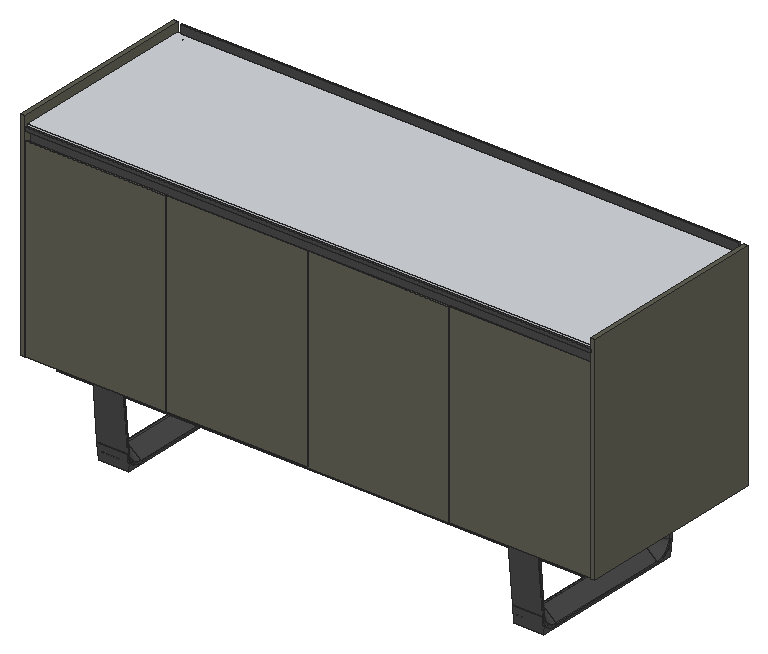
Revit family "Storage-Teknion-CW2Y_C+D_Two_Storage_Credenza_36_Height_Elevated_Base-R2020", category Furniture, Revit 2020
Family settings
  OmniClass Number = 23.40.20.00
  OmniClass Title = General Furniture and Specialties
  Work Plane-Based = No
  Always vertical = Yes
  Cut with Voids When Loaded = No
  Shared = Yes
  Room Calculation Point = No
Parameters (values of type "24D x 72W")
  Width = 72.000"
  Warranty = "http://www.teknion.com/ca/papers/legal-canada"
  Top Finish [instance] = none
  Storage Configuration Selection [instance] = "Please select only one storage configuration below."  # constant formula
  Right Waste [instance] = or([(VW) Left A/V with Upper Drawer , Right Waste], [(AW) Left A/V , Right Waste], [(DW) Left Drawers , Right Waste], [(CW) Left Closed Storage , Right Waste])  # no
  Right V&A Cut out [instance] = if(or([(WV) Left Waste , Right A/V with Upper Drawer], [(WA) Left Waste , Right A/V], [(CA) Left Closed Storage , Right A/V], [(CV) Left Closed Storage , Right A/V with Upper Drawer]), 15.000", 8.000")  # 8.000"
  Unit Weight URL = "http://www.teknion.com/ca/tools/assets#&asset=bee6a381-b954-425e-8283-5a2de3a804f2,f828d448-4b62-4231-9e5f-9a8991c0ed77"
  URL = "www.teknion.com"
  To render please download texture images found here [instance] = "https://assets.teknion.com/web/5e81352c1dfdb467/revit-material-swatches/"
  Sustainability Data = "https://www.teknion.com/ca/tools/assets#&topic=216f99a5-57a0-44fc-b10a-9dee9b29ae4c&asset=444deb64-fe58-4b68-981e-f75e97781df7,b4ff2d81-9f2e-437d-9659-7cffb09c31cf"
  Series = "C+D Conference Table"  # constant formula
  Right V&A 2D Lines [instance] = or([(WV) Left Waste , Right A/V with Upper Drawer], [(WA) Left Waste , Right A/V], [(CA) Left Closed Storage , Right A/V], [(CV) Left Closed Storage , Right A/V with Upper Drawer])  # no
  Right Drawers [instance] = or([(DD) All Drawers], [(WD) Left Waste , Right Drawers])  # no
  Right Double Door [instance] = or([(WV) Left Waste , Right A/V with Upper Drawer], [(WA) Left Waste , Right A/V], [(VC) Left A/V with Upper Drawer , Right Closed Storage], [(AC) Left A/V , Right Closed Storage], [(CC) All Close Storage], [(CA) Left Closed Storage , Right A/V], [(CV) Left Closed Storage , Right A/V with Upper Drawer], [(WC)  Left Waste , Right Closed Storage])  # yes
  2D Right Door Swing [instance] = not(or(Right Drawers, Right Waste))  # yes
  Middle 2D Node [instance] = or([(VW) Left A/V with Upper Drawer , Right Waste], [(DD) All Drawers], [(WD) Left Waste , Right Drawers], [(CV) Left Closed Storage , Right A/V with Upper Drawer])  # no
  Left Waste [instance] = or([(WV) Left Waste , Right A/V with Upper Drawer], [(WA) Left Waste , Right A/V], [(WC)  Left Waste , Right Closed Storage], [(WD) Left Waste , Right Drawers])  # no
  Left V&A Cut Out [instance] = if(or([(VW) Left A/V with Upper Drawer , Right Waste], [(AW) Left A/V , Right Waste], [(AC) Left A/V , Right Closed Storage], [(VC) Left A/V with Upper Drawer , Right Closed Storage]), 15.000", 8.000")  # 15.000"
  Left V&A 2D Lines [instance] = or([(VW) Left A/V with Upper Drawer , Right Waste], [(AW) Left A/V , Right Waste], [(AC) Left A/V , Right Closed Storage], [(VC) Left A/V with Upper Drawer , Right Closed Storage])  # yes
  Left Drawers [instance] = or([(DW) Left Drawers , Right Waste], [(DD) All Drawers])  # no
  Left Double Door [instance] = or([(VW) Left A/V with Upper Drawer , Right Waste], [(AW) Left A/V , Right Waste], [(CW) Left Closed Storage , Right Waste], [(CV) Left Closed Storage , Right A/V with Upper Drawer], [(CA) Left Closed Storage , Right A/V], [(AC) Left A/V , Right Closed Storage], [(VC) Left A/V with Upper Drawer , Right Closed Storage], [(CC) All Close Storage])  # yes
  2D Left Door Swing [instance] = not(or(Left Drawers, Left Waste))  # yes
  Door Size = 17.642"
  Description = "C+D Two Storage Credenza, 36\" Height, Elevated Based, 24\" Depth, 72\" Width"
  Case Finish [instance] = Veneer - Teknion - VP - Chia
  24 2D Node = yes
  20 2D Node = no
  (WV) Left Waste , Right A/V with Upper Drawer [instance] = no
  (VW) Left A/V with Upper Drawer , Right Waste [instance] = no
  (WD) Left Waste , Right Drawers [instance] = no
  (WA) Left Waste , Right A/V [instance] = no
  (DW) Left Drawers , Right Waste [instance] = no
  (CW) Left Closed Storage , Right Waste [instance] = no
  (CV) Left Closed Storage , Right A/V with Upper Drawer [instance] = no
  Product Page URL = "https://www.teknion.com/ca/products/product-details?productLineId=f681026f-8e7a-673b-a6c8-ff05004460c4"
  Product Line = "C+D Credenzas"  # constant formula
  Product Documentation Link = "https://www.teknion.com/pricing/cd-conference-table/pdfs/Credenzas_ppg.pdf"
  Part Number = "CW2Y"  # constant formula
  Model = "CW2Y_2472"
  Manufacturer Phone = "416-661-3370"  # constant formula
  Manufacturer Fax = "416.661.4586"  # constant formula
  Manufacturer Contact Information = "http://www.teknion.com/ca/contactus"
  Manufacturer Address = "1150 Flint Road, Toronto, ON. M3J 2J5. Canada"  # constant formula
  Manufacturer = "Teknion"  # constant formula
  (CA) Left Closed Storage , Right A/V [instance] = no
  (DD) All Drawers [instance] = no
  (CC) All Close Storage [instance] = not(or([(DD) All Drawers], [(AC) Left A/V , Right Closed Storage], [(VC) Left A/V with Upper Drawer , Right Closed Storage], [(CA) Left Closed Storage , Right A/V], [(CV) Left Closed Storage , Right A/V with Upper Drawer], [(WC)  Left Waste , Right Closed Storage], [(WD) Left Waste , Right Drawers], [(WA) Left Waste , Right A/V], [(WV) Left Waste , Right A/V with Upper Drawer], [(CW) Left Closed Storage , Right Waste], [(DW) Left Drawers , Right Waste], [(AW) Left A/V , Right Waste], [(VW) Left A/V with Upper Drawer , Right Waste]))  # no
  (VC) Left A/V with Upper Drawer , Right Closed Storage [instance] = yes
  How To Use Teknion Materials User Guide [instance] = "https://assets.teknion.com/m/205dd0a49fa58060/original/How-to-add-a-Material-Library-and-Texture-Images-to-your-Revit-project.pdf"
  For Additional Finishes please visit [instance] = "https://assets.teknion.com/m/44a8009b046e5d47/original/Teknion_Materials_Library.zip"
  Depth = 24.000"
  Default Elevation = 0.000"
  Assembly Code = "E2020200"
  (WC)  Left Waste , Right Closed Storage [instance] = no
  (AW) Left A/V , Right Waste [instance] = no
  (AC) Left A/V , Right Closed Storage [instance] = no
Reference planes (in)
  plane 1 "Center Front/Back": y = -10
  plane 2: z = 0
  plane 3 "Center Left/Right": x = 30
  plane 4 "Left": x = -6
  plane 5 "Right": x = 66
  plane 6 "Back": y = 2
  plane 7 "Front": y = -22
  plane 8 "Top": z = 37.00394
  plane 9: y = -1.16628
  plane 10: y = -18.83372
  plane 11: x = 4
  plane 12: x = 56
  plane 13: x = 12.28445
  plane 14: x = -5.4311
  plane 15: x = 65.4311
  plane 16: x = 47.71555
  plane 17: y = -21.23622
Forms (in)
  Sweep 1, solid, material "Veneer - Teknion - VP - Chia" <- "Case Finish"
    path origin (0, -10, 0) x (1, 0, 0) y (0, 0, 1)
      loop
        line (-5.46063, 37.00394) -> (-5.46063, 10)
    profile origin (-5.46063, -10, 23.50197) x (0, -1, 0) y (1, 0, 0)
      loop
        line (-12, -0.53937) -> (12, -0.53937) -> (12, 0) -> (-12, 0) -> (-12, -0.53937)
      loop
        line (-12, 71.46063) -> (-12, 70.92126) -> (12, 70.92126) -> (12, 71.46063) -> (-12, 71.46063)
  Sweep 2, solid, material "Veneer - Teknion - VP - Chia" <- "Case Finish"
    path origin (30, 0, 0) x (0, 1, 0) y (0, 0, 1)
      loop
        line (1.21654, 33.95276) -> (1.21654, 10)
    profile origin (30, 1.21654, 21.97638) x (1, 0, 0) y (0, 1, 0)
      loop
        line (-35.46063, 0.72441) -> (-35.46063, 0) -> (35.46063, 0) -> (35.46063, 0.72441) -> (-35.46063, 0.72441)
  Sweep 3, solid, material "Veneer - Teknion - VP - Chia" <- "Case Finish"
    path origin (0, -10, 0) x (1, 0, 0) y (0, 0, 1)
      loop
        line (-5.46063, 11.03937) -> (65.46063, 11.03937)
    profile origin (30, -10, 11.03937) x (0, 0, 1) y (0, -1, 0)
      loop
        line (0, 11.03819) -> (-1.03937, 11.03819) -> (-1.03937, -11.21654) -> (0, -11.21654) -> (0, 11.03819)
  Sweep 4, solid, material "Veneer - Teknion - VP - Chia" <- "Case Finish"
    path origin (0, -10, 0) x (1, 0, 0) y (0, 0, 1)
      loop
        line (29.6378, 11.03937) -> (29.6378, 34.54331)
    profile origin (29.6378, -10, 22.79134) x (-1, 0, 0) y (0, -1, 0)
      loop
        line (35.09843, -11.21654) -> (35.09843, 11.03819) -> (34.37402, 11.03819) -> (34.37402, -11.21654) -> (35.09843, -11.21654)
      loop
        line (0, -11.21654) -> (0, 11.03819) -> (-0.72441, 11.03819) -> (-0.72441, -11.21654) -> (0, -11.21654)
      loop
        line (-35.09843, 11.03819) -> (-35.82283, 11.03819) -> (-35.82283, -11.21654) -> (-35.09843, -11.21654) -> (-35.09843, 11.03819)
  Sweep 5, solid, material "Veneer - Teknion - VP - Chia" <- "Case Finish"
    path origin (0, -10, 0) x (1, 0, 0) y (0, 0, 1)
      loop
        line (65.46063, 35.29134) -> (-5.46063, 35.29134)
    profile origin (30, -10, 35.29134) x (0, 0, -1) y (0, -1, 0)
      loop
        line (0, -11.76378) -> (0.74803, -11.76378) -> (0.74803, 11.03819) -> (0, 11.03819) -> (0, -11.76378)
  Sweep 6, solid, material "Veneer - Teknion - VP - Chia" <- "Case Finish", visible <- "Left Double Door"
    path origin (0, -10, 0) x (1, 0, 0) y (0, 0, 1)
      loop
        line (12.24016, 34.25197) -> (-5.40157, 34.25197)
    profile origin (3.41929, -10, 34.25197) x (0, 0, -1) y (0, -1, 0)
      loop
        line (0, 11.96063) -> (0, 11.84252) -> (0.6063, 11.23622) -> (24.25197, 11.23622) -> (24.25197, 11.96063) -> (0, 11.96063)
  Sweep 7, solid, material "Veneer - Teknion - VP - Chia" <- "Case Finish", visible <- "Left Double Door"
    path origin (14.72047, -10, 0) x (1, 0, 0) y (0, 0, 1)
      loop
        line (15.24016, 34.25197) -> (-2.40157, 34.25197)
    profile origin (21.13976, -10, 34.25197) x (0, 0, -1) y (0, -1, 0)
      loop
        line (0, 11.96063) -> (0, 11.84252) -> (0.6063, 11.23622) -> (24.25197, 11.23622) -> (24.25197, 11.96063) -> (0, 11.96063)
  Sweep 8, solid, material "Veneer - Teknion - VP - Chia" <- "Case Finish", visible <- "Right Double Door"
    path origin (29.44094, -10, 0) x (1, 0, 0) y (0, 0, 1)
      loop
        line (18.24016, 34.25197) -> (0.59843, 34.25197)
    profile origin (38.86024, -10, 34.25197) x (0, 0, -1) y (0, -1, 0)
      loop
        line (0, 11.96063) -> (0, 11.84252) -> (0.6063, 11.23622) -> (24.25197, 11.23622) -> (24.25197, 11.96063) -> (0, 11.96063)
  Sweep 9, solid, material "Veneer - Teknion - VP - Chia" <- "Case Finish", visible <- "Right Double Door"
    path origin (44.16142, -10, 0) x (1, 0, 0) y (0, 0, 1)
      loop
        line (21.24016, 34.25197) -> (3.59843, 34.25197)
    profile origin (56.58071, -10, 34.25197) x (0, 0, -1) y (0, -1, 0)
      loop
        line (0, 11.96063) -> (0, 11.84252) -> (0.6063, 11.23622) -> (24.25197, 11.23622) -> (24.25197, 11.96063) -> (0, 11.96063)
  Sweep 10, solid, material "Veneer - Teknion - VP - Chia" <- "Case Finish", visible <- "Left Drawers"
    path origin (0, -10, 0) x (1, 0, 0) y (0, 0, 1)
      loop
        line (-5.40157, 19.12598) -> (29.96063, 19.12598)
    profile origin (12.27953, -10, 19.12598) x (0, 0, 1) y (0, -1, 0)
      loop
        line (15.12598, 11.84252) -> (15.12598, 11.96063) -> (3.5, 11.96063) -> (3.5, 11.23622) -> (14.51969, 11.23622) -> (15.12598, 11.84252)
  Sweep 11, solid, material "Veneer - Teknion - VP - Chia" <- "Case Finish", visible <- "Left Drawers"
    path origin (0, -10, 0) x (1, 0, 0) y (0, 0, 1)
      loop
        line (29.96063, 18.12598) -> (-5.40157, 18.12598)
    profile origin (12.27953, -10, 18.12598) x (0, 0, -1) y (0, -1, 0)
      loop
        line (-3.5, 11.96063) -> (-3.5, 11.84252) -> (-2.8937, 11.23622) -> (8.12598, 11.23622) -> (8.12598, 11.96063) -> (-3.5, 11.96063)
  Sweep 12, solid, material "Veneer - Teknion - VP - Chia" <- "Case Finish", visible <- "Right Drawers"
    path origin (29.44094, -10, 0) x (1, 0, 0) y (0, 0, 1)
      loop
        line (0.59843, 19.12598) -> (35.96063, 19.12598)
    profile origin (47.72047, -10, 19.12598) x (0, 0, 1) y (0, -1, 0)
      loop
        line (15.12598, 11.84252) -> (15.12598, 11.96063) -> (3.5, 11.96063) -> (3.5, 11.23622) -> (14.51969, 11.23622) -> (15.12598, 11.84252)
  Sweep 13, solid, material "Veneer - Teknion - VP - Chia" <- "Case Finish", visible <- "Right Drawers"
    path origin (29.44094, -10, 0) x (1, 0, 0) y (0, 0, 1)
      loop
        line (35.96063, 18.12598) -> (0.59843, 18.12598)
    profile origin (47.72047, -10, 18.12598) x (0, 0, -1) y (0, -1, 0)
      loop
        line (-3.5, 11.96063) -> (-3.5, 11.84252) -> (-2.8937, 11.23622) -> (8.12598, 11.23622) -> (8.12598, 11.96063) -> (-3.5, 11.96063)
  Sweep 14, solid, material "Paint - Teknion - 52 - Ebony"
    path origin (0, 0, 0) x (1, 0, 0) y (0, 1, 0)
      loop
        line (65.46063, -20.29016) -> (-5.46063, -20.29016)
    profile origin (30, -20.29016, 0) x (0, -1, 0) y (0, 0, 1)
      loop
        line (1.67055, 35.78346) -> (1.27685, 35.78346) -> (1.27685, 35.33071) -> (0.74803, 35.33071) -> (0.74803, 34.54331) -> (0, 34.54331) -> (0, 33.32283) -> (0.82803, 33.32283) -> (0.82803, 35.25071) -> (1.67055, 35.25071) -> (1.67055, 35.78346)
  Sweep 15, solid, material "Paint - Teknion - 52 - Ebony"
    path origin (0, 0, 0) x (1, 0, 0) y (0, 1, 0)
      loop
        line (-4.96063, 0.76378) -> (64.96063, 0.76378)
    profile origin (30, 0.76378, 0) x (0, 1, 0) y (0, 0, 1)
      loop
        line (1.23622, 37.00394) -> (1, 37.00394) -> (1, 35.58324)
        arc (1, 35.58324) -> (1, 35.52756) -> (0.94432, 35.52756) r 0.03937
        line (0.94432, 35.52756) -> (0, 35.52756) -> (0, 35.29134) -> (0.94432, 35.29134)
        arc (0.94432, 35.29134) -> (1, 35.29134) -> (1, 35.23566) r 0.03937
        line (1, 35.23566) -> (1, 34.54331) -> (1.23622, 34.54331) -> (1.23622, 37.00394)
  Sweep 16, solid, material "Paint - Teknion - 52 - Ebony"
    path origin (0, 0, 0) x (1, 0, 0) y (0, 1, 0)
      loop
        line (-1.98425, -1.01575) -> (-1.98425, -18.98425) -> (61.98425, -18.98425) -> (61.98425, -1.01575) -> (-1.98425, -1.01575)
    profile origin (-1.98425, -10, 0) x (1, 0, 0) y (0, 0, 1)
      loop
        line (-0.431, 8.52) -> (-0.431, 9.9) -> (-0.09, 9.9) -> (-0.09, 9.6675) -> (0, 9.6675) -> (0, 9.98)
        arc (0, 9.98) -> (-0.00586, 9.99414) -> (-0.02, 10) r 0.02
        line (-0.02, 10) -> (-0.99575, 10)
        arc (-0.99575, 10) -> (-1.00989, 9.99414) -> (-1.01575, 9.98) r 0.02
        line (-1.01575, 9.98) -> (-1.01575, 8.44)
        arc (-1.01575, 8.44) -> (-1.00989, 8.42586) -> (-0.99575, 8.42) r 0.02
        line (-0.99575, 8.42) -> (-0.02, 8.42)
        arc (-0.02, 8.42) -> (-0.00586, 8.42586) -> (0, 8.44) r 0.02
        line (0, 8.44) -> (0, 8.7525) -> (-0.09, 8.7525) -> (-0.09, 8.52) -> (-0.431, 8.52)
  Sweep 17, solid, material "Paint - Teknion - 52 - Ebony"
    path origin (0, -10, 0) x (1, 0, 0) y (0, 0, 1)
      loop
        line (2.11383, 0.125) -> (5.88617, 0.125)
    profile origin (4, -10, 0.125) x (0, 0, 1) y (0, -1, 0)
      loop
        arc (0.10359, 7.89493) -> (0.65668, 9.37616) -> (2.06899, 10.08704) r 2.16637
        line (2.06899, 10.08704) -> (0, 9.89454) -> (0, -9.89454) -> (2.06899, -10.08704)
        arc (2.06899, -10.08704) -> (0.65668, -9.37616) -> (0.10359, -7.89493) r 2.16637
        line (0.10359, -7.89493) -> (0.12003, -6.73851) -> (0.12003, 6.73851) -> (0.10359, 7.89493)
  Sweep 18, solid, material "Paint - Teknion - 52 - Ebony"
    path origin (0, -10, 0) x (1, 0, 0) y (0, 0, 1)
      loop
        line (54.11383, 0.125) -> (57.88617, 0.125)
    profile origin (56, -10, 0.125) x (0, 0, 1) y (0, -1, 0)
      loop
        arc (0.10359, 7.89493) -> (0.65668, 9.37616) -> (2.06899, 10.08704) r 2.16637
        line (2.06899, 10.08704) -> (0, 9.89454) -> (0, -9.89454) -> (2.06899, -10.08704)
        arc (2.06899, -10.08704) -> (0.65668, -9.37616) -> (0.10359, -7.89493) r 2.16637
        line (0.10359, -7.89493) -> (0.12003, -6.73851) -> (0.12003, 6.73851) -> (0.10359, 7.89493)
  Sweep 19, solid, material "Veneer - Teknion - VP - Chia" <- "Case Finish", visible <- "Left Waste"
    path origin (0, -10, 0) x (1, 0, 0) y (0, 0, 1)
      loop
        line (29.96063, 34.25197) -> (-5.40157, 34.25197)
    profile origin (12.27953, -10, 34.25197) x (0, 0, -1) y (0, -1, 0)
      loop
        line (0, 11.84252) -> (0.6063, 11.23622) -> (24.25197, 11.23622) -> (24.25197, 11.96063) -> (0, 11.96063) -> (0, 11.84252)
  Sweep 20, solid, material "Veneer - Teknion - VP - Chia" <- "Case Finish", visible <- "Right Waste"
    path origin (29.44094, -10, 0) x (1, 0, 0) y (0, 0, 1)
      loop
        line (35.96063, 34.25197) -> (0.59843, 34.25197)
    profile origin (47.72047, -10, 34.25197) x (0, 0, -1) y (0, -1, 0)
      loop
        line (0, 11.84252) -> (0.6063, 11.23622) -> (24.25197, 11.23622) -> (24.25197, 11.96063) -> (0, 11.96063) -> (0, 11.84252)
  Sweep 21, solid, material <- "Top Finish"
    path origin (0, -10, 0) x (1, 0, 0) y (0, 0, 1)
      loop
        line (-5.46063, 36) -> (65.46063, 36)
    profile origin (30, -10, 36) x (0, 0, 1) y (0, -1, 0)
      loop
        arc (0, 11.66535) -> (-0.0173, 11.70711) -> (-0.05906, 11.72441) r 0.05906
        line (-0.05906, 11.72441) -> (-0.21654, 11.72441) -> (-0.21654, 11.48819) -> (-0.47244, 11.48819) -> (-0.47244, -11.76378) -> (0, -11.76378) -> (0, 11.66535)
  Revolve 22, solid, material "Paint - Teknion - 52 - Ebony"
    sketch origin (4, -2.36839, 48) x (0, 1, 0) y (0, 0, 1)
      loop
        line (-16.46533, -47.875) -> (-16.46533, -48) -> (-15.75981, -48) -> (-15.66743, -47.92) -> (-15.66743, -47.875) -> (-16.46533, -47.875)
      axis (-16.46533, -47.875) -> (-16.46533, -48)
    angle from 0 to 360
  Revolve 23, solid, material "Paint - Teknion - 52 - Ebony"
    sketch origin (4, -2.36839, 48) x (0, 1, 0) y (0, 0, 1)
      loop
        line (1.2021, -47.875) -> (1.2021, -48) -> (1.90762, -48) -> (2, -47.92) -> (2, -47.875) -> (1.2021, -47.875)
      axis (1.2021, -47.875) -> (1.2021, -48)
    angle from 0 to 360
  Revolve 24, solid, material "Paint - Teknion - 52 - Ebony"
    sketch origin (56, -2.36839, 48) x (0, 1, 0) y (0, 0, 1)
      loop
        line (1.2021, -47.875) -> (1.2021, -48) -> (1.90762, -48) -> (2, -47.92) -> (2, -47.875) -> (1.2021, -47.875)
      axis (1.2021, -47.875) -> (1.2021, -48)
    angle from 0 to 360
  Revolve 25, solid, material "Paint - Teknion - 52 - Ebony"
    sketch origin (56, -2.36839, 48) x (0, 1, 0) y (0, 0, 1)
      loop
        line (-16.46533, -47.875) -> (-16.46533, -48) -> (-15.75981, -48) -> (-15.66743, -47.92) -> (-15.66743, -47.875) -> (-16.46533, -47.875)
      axis (-16.46533, -47.875) -> (-16.46533, -48)
    angle from 0 to 360
  Sweep 26, solid, material "Paint - Teknion - 52 - Ebony"
    path origin (4, -2.36839, 48) x (0, 1, 0) y (0, 0, 1)
      loop
        line (-18.43946, -38.05874) -> (-17.71865, -45.80601)
        arc (-17.71865, -45.80601) -> (-17.00777, -47.21832) -> (-15.52654, -47.77141) r 2.16637
        line (-15.52654, -47.77141) -> (0.26331, -47.77141)
        arc (0.26331, -47.77141) -> (1.74454, -47.21832) -> (2.45543, -45.80601) r 2.16637
        line (2.45543, -45.80601) -> (3.17624, -38.05874)
    profile origin (4, -10, 0.22859) x (0, 0, 1) y (1, 0, 0)
      loop
        line (0.26293, -1.85759) -> (1.69143, -0.12524)
        arc (1.69143, -0.12524) -> (1.7364, 0) -> (1.69143, 0.12524) r 0.19685
        line (1.69143, 0.12524) -> (0.26293, 1.85759)
        arc (0.26293, 1.85759) -> (0.24317, 1.87323) -> (0.21873, 1.87938) r 0.06
        line (0.21873, 1.87938) -> (0, 1.88702) -> (0, -1.88702) -> (0.21873, -1.87938)
        arc (0.21873, -1.87938) -> (0.24317, -1.87323) -> (0.26293, -1.85759) r 0.06
  Sweep 27, solid, material "Paint - Teknion - 52 - Ebony"
    path origin (56, -2.36839, 48) x (0, 1, 0) y (0, 0, 1)
      loop
        line (-18.43946, -38.05874) -> (-17.71865, -45.80601)
        arc (-17.71865, -45.80601) -> (-17.00777, -47.21831) -> (-15.52654, -47.77141) r 2.16637
        line (-15.52654, -47.77141) -> (0.26331, -47.77141)
        arc (0.26331, -47.77141) -> (1.74454, -47.21831) -> (2.45542, -45.80601) r 2.16637
        line (2.45542, -45.80601) -> (3.17623, -38.05874)
    profile origin (56, -10, 0.22859) x (0, 0, 1) y (1, 0, 0)
      loop
        line (0.26293, -1.85759) -> (1.69142, -0.12524)
        arc (1.69142, -0.12524) -> (1.7364, 0) -> (1.69142, 0.12524) r 0.19685
        line (1.69142, 0.12524) -> (0.26293, 1.85759)
        arc (0.26293, 1.85759) -> (0.24317, 1.87323) -> (0.21873, 1.87938) r 0.06
        line (0.21873, 1.87938) -> (0, 1.88702) -> (0, -1.88702) -> (0.21873, -1.87938)
        arc (0.21873, -1.87938) -> (0.24317, -1.87323) -> (0.26293, -1.85759) r 0.06
  Sweep 28, solid, material "Paint - Teknion - 52 - Ebony", visible <- "Left Drawers"
    path origin (0, -10, 0) x (1, 0, 0) y (0, 0, 1)
      loop
        line (12.28445, 22.70472) -> (12.28445, 20.73622)
    profile origin (12.28445, -10, 21.72047) x (0, -1, 0) y (1, 0, 0)
      loop
        line (11.03819, -17.02067) -> (11.03819, -17.74508) -> (11.11319, -17.74508) -> (11.11319, 17.71555) -> (11.03819, 17.71555) -> (11.03819, 17.35335) -> (10.29016, 17.35335) -> (10.29016, -17.02067) -> (11.03819, -17.02067)
  Sweep 29, solid, material "Paint - Teknion - 52 - Ebony", visible <- "Right Drawers"
    path origin (29.46063, -10, 0) x (1, 0, 0) y (0, 0, 1)
      loop
        line (18.25492, 22.70472) -> (18.25492, 20.73622)
    profile origin (47.71555, -10, 21.72047) x (0, -1, 0) y (1, 0, 0)
      loop
        line (11.03819, -17.35335) -> (11.03819, -17.71555) -> (11.11319, -17.71555) -> (11.11319, 17.74508) -> (11.03819, 17.74508) -> (11.03819, 17.02067) -> (10.29016, 17.02067) -> (10.29016, -17.35335) -> (11.03819, -17.35335)
  Sweep 30, void
    path origin (56, -2.36839, 48) x (0, 1, 0) y (0, 0, 1)
      loop
        line (0.36839, -29.52362) -> (-7.63161, -29.52362)
    profile origin (56, -6, 18.47638) x (0, 0, -1) y (1, 0, 0)
      loop
        arc (-8.5, -13.20079) -> (-8.42678, -13.37756) -> (-8.25, -13.45079) r 0.25
        line (-8.25, -13.45079) -> (1.25, -13.45079)
        arc (1.25, -13.45079) -> (1.42678, -13.37756) -> (1.5, -13.20079) r 0.25
        line (1.5, -13.20079) -> (1.5, -3.70079)
        arc (1.5, -3.70079) -> (1.42678, -3.52401) -> (1.25, -3.45079) r 0.25
        line (1.25, -3.45079) -> (-8.25, -3.45079)
        arc (-8.25, -3.45079) -> (-8.42678, -3.52401) -> (-8.5, -3.70079) r 0.25
        line (-8.5, -3.70079) -> (-8.5, -13.20079)
  Sweep 31, void
    path origin (56, -2.36839, 48) x (0, 1, 0) y (0, 0, 1)
      loop
        line (-7.63161, -22.52362) -> (7.36839, -22.52362)
    profile origin (56, -2.5, 25.47638) x (0, 0, 1) y (1, 0, 0)
      loop
        line (1.5, -48.29921) -> (1.5, -38.79921)
        arc (1.5, -38.79921) -> (1.42678, -38.62244) -> (1.25, -38.54921) r 0.25
        line (1.25, -38.54921) -> (-8.25, -38.54921)
        arc (-8.25, -38.54921) -> (-8.42678, -38.62244) -> (-8.5, -38.79921) r 0.25
        line (-8.5, -38.79921) -> (-8.5, -48.29921)
        arc (-8.5, -48.29921) -> (-8.42678, -48.47599) -> (-8.25, -48.54921) r 0.25
        line (-8.25, -48.54921) -> (1.25, -48.54921)
        arc (1.25, -48.54921) -> (1.42678, -48.47599) -> (1.5, -48.29921) r 0.25
Cuts and joins
  Sweep 30, Sweep 31 cuts Sweep 2
Lines and regions (in)
  Masking region 1
    outline origin (0, 0, 0) x (1, 0, 0) y (0, 1, 0)
      loop
        line (-6, 2) -> (-6, -22) -> (-5.46063, -22) -> (-5.46063, -21.96071) -> (65.46063, -21.96071) -> (65.46063, -22) -> (66, -22) -> (66, 2) -> (65.46063, 2) -> (65.46063, 1.94094) -> (64.96063, 1.94094) -> (64.96063, 2) -> (-4.96063, 2) -> (-4.96063, 1.94094) -> (-5.46063, 1.94094) -> (-5.46063, 2) -> (-6, 2)
  symbolic lines
    curve 1: line (-5.46063, -22, 0) -> (-5.46063, 2, 0)
    curve 2: line (-5.46063, -21.72441, 0) -> (65.46063, -21.72441, 0)
    curve 3: line (65.46063, 2, 0) -> (65.46063, -22, 0)
    curve 4: line (65.46063, 1.76378, 0) -> (-5.46063, 1.76378, 0)
    curve 5: line (64.96063, 2, 0) -> (64.96063, 1.76378, 0)
    curve 6: line (-4.96063, 2, 0) -> (-4.96063, 1.76378, 0)
  symbolic lines, style "FurnitureHiddenLines", detail levels medium+fine
    curve 7: line (65.46063, 1.94094, 0) -> (-5.46063, 1.94094, 0)
    curve 8: line (-4.96063, 0.76378, 0) -> (64.96063, 0.76378, 0)
    curve 9: line (65.46063, 1.21654, 0) -> (-5.46063, 1.21654, 0)
    curve 10: line (-4.73622, -21.03819, 0) -> (-4.73622, 1.21654, 0)
    curve 11: line (-4.96063, 0.76378, 0) -> (-4.96063, 2, 0)
    curve 12: line (64.96063, 1.7081, 0) -> (-4.96063, 1.7081, 0)
    curve 13: line (64.73622, 1.21654, 0) -> (64.73622, -21.03819, 0)
    curve 14: line (65.46063, -21.03819, 0) -> (-5.46063, -21.03819, 0)
    curve 15: line (29.6378, 1.21654, 0) -> (29.6378, -21.03819, 0)
    curve 16: line (30.3622, -21.03819, 0) -> (30.3622, 1.21654, 0)
    curve 17: line (65.46063, -20.29016, 0) -> (-5.46063, -20.29016, 0)
    curve 18: line (-5.46063, -21.11819, 0) -> (65.46063, -21.11819, 0)
    curve 19: line (65.46063, -21.56701, 0) -> (-5.46063, -21.56701, 0)
    curve 20: line (-5.46063, -21.48819, 0) -> (65.46063, -21.48819, 0)
    curve 84: line (29.96063, -21.23622, 0) -> (29.96063, -21.96063, 0)
    curve 86: line (29.96063, -21.23622, 0) -> (-5.40157, -21.23622, 0)
    curve 87: line (-5.40157, -21.23622, 0) -> (-5.40157, -21.96063, 0)
    curve 101: line (7.45079, 1.94094, 0) -> (17.45079, 1.94094, 0)
    curve 102: line (7.45079, 1.21654, 0) -> (7.45079, 1.94094, 0)
    curve 103: line (17.45079, 1.21654, 0) -> (7.45079, 1.21654, 0)
    curve 104: line (17.45079, 1.94094, 0) -> (17.45079, 1.21654, 0)
    curve 105: line (42.54921, 1.94094, 0) -> (52.54921, 1.94094, 0)
    curve 106: line (42.54921, 1.21654, 0) -> (42.54921, 1.94094, 0)
    curve 107: line (52.54921, 1.21654, 0) -> (42.54921, 1.21654, 0)
    curve 108: line (52.54921, 1.94094, 0) -> (52.54921, 1.21654, 0)
  symbolic lines, style "FurnitureHiddenLines", detail levels fine
    curve 21: line (-2.41525, -19.41525, 0) -> (-2.41525, -0.58475, 0)
    curve 22: line (-2.41525, -0.58475, 0) -> (62.41525, -0.58475, 0)
    curve 23: line (62.41525, -19.41525, 0) -> (-2.41525, -19.41525, 0)
    curve 24: line (62.41525, -0.58475, 0) -> (62.41525, -19.41525, 0)
    curve 25: line (62.07425, -19.07425, 0) -> (62.07425, -0.92575, 0)
    curve 26: line (61.98425, -1.01575, 0) -> (61.98425, -18.98425, 0)
    curve 27: line (-2.07425, -19.07425, 0) -> (62.07425, -19.07425, 0)
    curve 28: line (61.98425, -18.98425, 0) -> (-1.98425, -18.98425, 0)
    curve 29: line (-2.07425, -0.92575, 0) -> (-2.07425, -19.07425, 0)
    curve 30: line (-1.98425, -18.98425, 0) -> (-1.98425, -1.01575, 0)
    curve 31: line (62.07425, -0.92575, 0) -> (-2.07425, -0.92575, 0)
    curve 32: line (-1.98425, -1.01575, 0) -> (61.98425, -1.01575, 0)
    curve 33: line (-3.00055, 0, 0) -> (-3.00027, -20, 0)
    curve 34: line (-3.00027, -20, 0) -> (63.00027, -20, 0)
    curve 35: line (63.00027, -20, 0) -> (63.00027, 0, 0)
    curve 36: line (63.00027, 0, 0) -> (-3.00055, 0, 0)
    curve 37: line (5.88702, 0.80785, 0) -> (2.11298, 0.80785, 0)
    curve 38: line (5.88702, 0.80785, 0) -> (5.88702, -8.12532, 0)
    curve 39: line (2.11298, 0.80785, 0) -> (2.11298, -8.06376, 0)
    curve 40: line (2.11298, -20.80785, 0) -> (5.88702, -20.80785, 0)
    curve 41: line (2.11298, -8.06376, 0) -> (2.11298, -20.80785, 0)
    curve 42: line (5.88702, -8.12532, 0) -> (5.88702, -20.80785, 0)
    curve 43: arc (4, -1.96418, 0) -> (4.7979, -1.16628, 0) -> (4, -0.36839, 0) r 0.7979
    curve 44: arc (4, -0.46076, 0) -> (4.70552, -1.16628, 0) -> (4, -1.87181, 0) r 0.70552
    curve 45: arc (4, -1.87181, 0) -> (3.29448, -1.16628, 0) -> (4, -0.46076, 0) r 0.70552
    curve 46: arc (4, -0.36839, 0) -> (3.2021, -1.16628, 0) -> (4, -1.96418, 0) r 0.7979
    curve 47: arc (4, -19.63161, 0) -> (4.7979, -18.83372, 0) -> (4, -18.03582, 0) r 0.7979
    curve 48: arc (4, -18.12819, 0) -> (4.70552, -18.83372, 0) -> (4, -19.53924, 0) r 0.70552
    curve 49: arc (4, -19.53924, 0) -> (3.29448, -18.83372, 0) -> (4, -18.12819, 0) r 0.70552
    curve 50: arc (4, -18.03582, 0) -> (3.2021, -18.83372, 0) -> (4, -19.63161, 0) r 0.7979
    curve 51: arc (56, -1.96418, 0) -> (56.7979, -1.16628, 0) -> (56, -0.36839, 0) r 0.7979
    curve 52: arc (56, -0.46076, 0) -> (56.70552, -1.16628, 0) -> (56, -1.87181, 0) r 0.70552
    curve 53: arc (56, -1.87181, 0) -> (55.29448, -1.16628, 0) -> (56, -0.46076, 0) r 0.70552
    curve 54: arc (56, -0.36839, 0) -> (55.2021, -1.16628, 0) -> (56, -1.96418, 0) r 0.7979
    curve 55: arc (56, -19.63161, 0) -> (56.7979, -18.83372, 0) -> (56, -18.03582, 0) r 0.7979
    curve 56: arc (56, -18.12819, 0) -> (56.70552, -18.83372, 0) -> (56, -19.53924, 0) r 0.70552
    curve 57: arc (56, -18.03582, 0) -> (55.2021, -18.83372, 0) -> (56, -19.63161, 0) r 0.7979
    curve 58: arc (56, -19.53924, 0) -> (55.29448, -18.83372, 0) -> (56, -18.12819, 0) r 0.70552
    curve 59: line (54.11298, -20.80785, 0) -> (57.88702, -20.80785, 0)
    curve 60: line (54.11298, -11.98365, 0) -> (54.11298, -20.80785, 0)
    curve 61: line (57.88702, -8.22228, 0) -> (57.88702, -20.80785, 0)
    curve 62: line (57.88702, 0.80785, 0) -> (54.11298, 0.80785, 0)
    curve 63: line (54.11298, 0.80785, 0) -> (54.11298, -11.98365, 0)
    curve 64: line (57.88702, 0.80785, 0) -> (57.88702, -8.22228, 0)
    curve 65: line (2.11298, -2.10507, 0) -> (5.88702, -2.10507, 0)
    curve 66: line (5.88617, -3.26149, 0) -> (2.11383, -3.26149, 0)
    curve 67: line (5.88617, -16.73851, 0) -> (2.11383, -16.73851, 0)
    curve 68: line (2.11298, -17.89493, 0) -> (5.88702, -17.89493, 0)
    curve 69: line (54.11298, -2.10507, 0) -> (57.88702, -2.10507, 0)
    curve 70: line (57.88617, -3.26149, 0) -> (54.11383, -3.26149, 0)
    curve 71: line (57.88617, -16.73851, 0) -> (54.11383, -16.73851, 0)
    curve 72: line (54.11298, -17.89493, 0) -> (57.88702, -17.89493, 0)
  symbolic lines, style "FurnitureHiddenLines", visible <- "Left Double Door", detail levels medium+fine
    curve 73: line (-5.40157, -21.23622, 0) -> (-5.40157, -21.96063, 0)
    curve 74: line (12.24016, -21.23622, 0) -> (12.24016, -21.96063, 0)
    curve 75: line (12.24016, -21.23622, 0) -> (-5.40157, -21.23622, 0)
    curve 76: line (12.3189, -21.23622, 0) -> (12.3189, -21.96063, 0)
    curve 77: line (29.96063, -21.23622, 0) -> (12.3189, -21.23622, 0)
  symbolic lines, style "FurnitureHiddenLines", visible <- "Right Double Door", detail levels medium+fine
    curve 78: line (47.6811, -21.23622, 0) -> (47.6811, -21.96063, 0)
    curve 79: line (47.6811, -21.23622, 0) -> (30.03937, -21.23622, 0)
    curve 80: line (30.03937, -21.23622, 0) -> (30.03937, -21.96063, 0)
    curve 81: line (65.40157, -21.23622, 0) -> (47.75984, -21.23622, 0)
    curve 82: line (47.75984, -21.23622, 0) -> (47.75984, -21.96063, 0)
    curve 83: line (65.40157, -21.23622, 0) -> (65.40157, -21.96063, 0)
  symbolic lines, style "FurnitureHiddenLines", visible <- "Left Waste", detail levels medium+fine
    curve 85: line (29.96063, -21.23622, 0) -> (29.96063, -21.96063, 0)
  symbolic lines, style "FurnitureHiddenLines", visible <- "Right Drawers", detail levels medium+fine
    curve 88: line (30.03937, -21.23622, 0) -> (30.03937, -21.96063, 0)
    curve 89: line (65.40157, -21.23622, 0) -> (30.03937, -21.23622, 0)
    curve 90: line (65.40157, -21.23622, 0) -> (65.40157, -21.96063, 0)
  symbolic lines, style "FurnitureHiddenLines", visible <- "Left Drawers", detail levels medium+fine
    curve 91: line (-5.40157, -21.96063, 0) -> (-5.40157, -21.23622, 0)
    curve 92: line (29.96063, -21.23622, 0) -> (-5.40157, -21.23622, 0)
    curve 93: line (29.96063, -21.96063, 0) -> (29.96063, -21.23622, 0)
  symbolic lines, style "FurnitureHiddenLines", visible <- "Right Waste", detail levels medium+fine
    curve 94: line (65.40157, -21.96063, 0) -> (65.40157, -21.23622, 0)
    curve 95: line (65.40157, -21.23622, 0) -> (30.03937, -21.23622, 0)
    curve 96: line (30.03937, -21.96063, 0) -> (30.03937, -21.23622, 0)
  reference lines
    curve 97: line (-6, 2, 0) -> (66, 2, 0)
    curve 98: line (-6, 4, 0) -> (-6, -24, 0)
    curve 99: line (-6, -22, 0) -> (66, -22, 0)
    curve 100: line (66, 4, 0) -> (66, -24, 0)
Dimensions and locks (in)
  "Width": plane 4 "Left" to plane 5 "Right"
  "Depth": plane 6 "Back" to plane 7 "Front"
  plane 8 "Top" to level = 37.00394"
  locked: Sweep 1 sketch curve to Sweep 1 sketch curve at 0.53937  (x2)
  Sweep 2 sketch curve to plane 6 "Back" = 0.78346"
  plane 6 "Back" to Sweep 2 sketch curve to Sweep 2 sketch curve = 0.05906" locked, 0.72441" locked
  locked: Sweep 3 sketch curve to plane 2 at 11.03937
  plane 2 to Sweep 3 sketch curve to Sweep 3 sketch curve = 10.000" locked, 1.03937" locked
  locked: Sweep 4 sketch curve to Sweep 4 sketch curve at 0.72441  (x2)
  locked: plane 7 "Front" to Sweep 3 sketch curve at 0.96181
  equal spacing: plane 4 "Left", plane 3 "Center Left/Right", plane 5 "Right"
  Sweep 4 sketch curve to plane 3 "Center Left/Right" to Sweep 4 sketch curve = 0.3622" locked, 0.3622" locked
  locked: plane 6 "Back" to Sweep 5 sketch curve at 0.23622
  locked: Sweep 5 sketch curve to plane 7 "Front" at 0.96181
  locked: Sweep 5 sketch curve to Sweep 5 sketch curve at 0.74803
  plane 7 "Front" to Sweep 6 sketch curve to Sweep 6 sketch curve = 0.03937" locked, 0.72441" locked
  Sweep 6 sketch curve to Sweep 6 sketch curve to Sweep 6 sketch curve = 23.64567", 0.6063" locked
  locked: Sweep 6 sketch curve to plane 4 "Left" at 0.59843
  Sweep 7 sketch curve to Sweep 7 sketch curve to Sweep 7 sketch curve = 23.64567" locked, 0.6063" locked
  Sweep 8 sketch curve to Sweep 8 sketch curve to Sweep 8 sketch curve = 23.64567" locked, 0.6063" locked
  Sweep 9 sketch curve to Sweep 9 sketch curve to Sweep 9 sketch curve = 23.64567" locked, 0.6063" locked
  locked: Sweep 10 sketch curve to plane 4 "Left" at 0.59843
  locked: plane 3 "Center Left/Right" to Sweep 10 sketch curve at 0.03937
  locked: Sweep 10 sketch curve to plane 2 at 19.12598
  Sweep 10 sketch curve to Sweep 10 sketch curve to Sweep 9 to plane 8 "Top" = 11.01969" locked, 0.6063" locked, 2.75197" locked
  plane 7 "Front" to Sweep 10 sketch curve to Sweep 10 sketch curve = 0.03937" locked, 0.72441" locked
  locked: Sweep 11 sketch curve to plane 4 "Left" at 0.59843
  locked: plane 3 "Center Left/Right" to Sweep 11 sketch curve at 0.03937
  locked: Sweep 11 sketch curve to plane 2 at 18.12598
  plane 2 to Sweep 9 to Sweep 11 sketch curve to Sweep 11 sketch curve = 10.000" locked, 11.01969", 0.6063" locked
  plane 7 "Front" to Sweep 11 sketch curve to Sweep 11 sketch curve = 0.03937" locked, 0.72441" locked
  locked: Sweep 12 sketch curve to Sweep 12 sketch curve at 11.01969
  locked: Sweep 12 sketch curve to Sweep 12 sketch curve at 0.72441
  locked: Sweep 13 sketch curve to Sweep 13 sketch curve at 0.6063
  locked: Sweep 13 sketch curve to Sweep 13 sketch curve at 0.72441
  locked: Sweep 12 sketch curve to plane 5 "Right" at 0.59843
  locked: Sweep 12 sketch curve to plane 3 "Center Left/Right" at 0.03937
  locked: Sweep 12 sketch curve to plane 2 at 19.12598
  locked: Sweep 9 to Sweep 12 sketch curve at 0.6063
  locked: plane 7 "Front" to Sweep 12 sketch curve at 0.03937
  locked: Sweep 13 sketch curve to plane 3 "Center Left/Right" at 0.03937
  locked: Sweep 13 sketch curve to plane 5 "Right" at 0.59843
  locked: Sweep 13 sketch curve to plane 2 at 18.12598
  Sweep 13 sketch curve to Sweep 9 to plane 2 = 11.01969" locked, 10.000" locked
  locked: plane 7 "Front" to Sweep 13 sketch curve at 0.03937
  locked: plane 4 "Left" to Sweep 14 sketch curve at 0.53937
  locked: Sweep 14 sketch curve to plane 5 "Right" at 0.53937
  locked: plane 7 "Front" to Sweep 14 sketch curve at 1.70984
  plane 7 "Front" to Sweep 14 sketch curve to Sweep 14 sketch curve to Sweep 14 sketch curve to Sweep 14 sketch curve = 0.03929" locked, 0.3937" locked, 0.44882" locked, 0.080" locked
  locked: Sweep 14 sketch curve to Sweep 14 sketch curve at 0.74803
  Sweep 14 sketch curve to Sweep 14 sketch curve to Sweep 14 sketch curve to Sweep 14 sketch curve to Sweep 14 sketch curve = 0.45276" locked, 0.080" locked, 0.7074" locked, 1.22047" locked
  locked: plane 4 "Left" to Sweep 15 sketch curve at 1.03937
  locked: Sweep 15 sketch curve to plane 5 "Right" at 1.03937
  locked: plane 6 "Back" to Sweep 15 sketch curve at 1.23622
  Sweep 15 sketch curve to Sweep 15 sketch curve to Sweep 15 sketch curve to Sweep 15 sketch curve = 1.47638" locked, 0.23622" locked, 0.74803" locked
  Sweep 15 sketch curve to Sweep 15 sketch curve to Sweep 15 sketch curve to Sweep 15 sketch curve = 1.000" locked, 0.000" locked, 0.23622" locked
  locked: plane 4 "Left" to Sweep 16 sketch curve at 4.01575
  locked: Sweep 16 sketch curve to plane 5 "Right" at 4.01575
  locked: plane 6 "Back" to Sweep 16 sketch curve at 3.01575
  locked: plane 7 "Front" to Sweep 16 sketch curve at 3.01575
  Sweep 16 sketch curve to Sweep 16 sketch curve to Sweep 16 sketch curve to Sweep 16 sketch curve to Sweep 16 sketch curve to Sweep 16 sketch curve to plane 2 = 0.100" locked, 0.2325" locked, 0.915" locked, 0.2325" locked, 0.100" locked, 8.420" locked
  Sweep 16 sketch curve to Sweep 16 sketch curve to Sweep 16 sketch curve to Sweep 16 sketch curve to Sweep 16 sketch curve to Sweep 16 sketch curve to plane 4 "Left" = 0.000" locked, 0.090" locked, 0.000" locked, 0.341" locked, 0.58475" locked, 3.000" locked
  locked: Sweep 17 sketch curve to plane 2 at 0.125
  locked: Sweep 18 sketch curve to plane 2 at 0.125
  locked: plane 6 "Back" to plane 9 at 3.16628
  locked: plane 7 "Front" to plane 10 at 3.16628
  locked: Sweep 19 sketch curve to plane 4 "Left" at 0.59843
  locked: plane 3 "Center Left/Right" to Sweep 19 sketch curve at 0.03937
  locked: plane 8 "Top" to Sweep 19 sketch curve at 2.75197
  plane 7 "Front" to Sweep 19 sketch curve to Sweep 19 sketch curve to Sweep 19 sketch curve = 0.03937" locked, 0.11811" locked, 0.6063" locked
  plane 8 "Top" to Sweep 19 sketch curve to Sweep 19 sketch curve = 2.75197" locked, 24.25197" locked
  Sweep 20 sketch curve to Sweep 20 sketch curve to Sweep 20 sketch curve = 0.11811" locked, 0.6063" locked
  locked: Sweep 20 sketch curve to Sweep 20 sketch curve at 24.25197
  locked: Sweep 20 sketch curve to plane 5 "Right" at 0.59843
  locked: Sweep 20 sketch curve to plane 3 "Center Left/Right" at 0.03937
  locked: plane 8 "Top" to Sweep 20 sketch curve at 2.75197  (x2)
  locked: plane 7 "Front" to Sweep 20 sketch curve at 0.03937
  locked: Sweep 21 sketch curve to plane 4 "Left" at 0.53937
  locked: Sweep 21 sketch curve to plane 5 "Right" at 0.53937
  locked: plane 8 "Top" to Sweep 21 sketch curve at 1.00394
  plane 8 "Top" to Sweep 21 sketch curve to Sweep 21 sketch curve = 1.00394" locked, 0.47244" locked
  plane 7 "Front" to Sweep 21 sketch curve to Sweep 21 sketch curve = 0.27559" locked, 0.23622" locked
  locked: Sweep 21 sketch curve to plane 6 "Back" at 0.23622
  locked: plane 4 "Left" to plane 11 at 10
  locked: plane 12 to plane 5 "Right" at 10
  Sweep 17 sketch curve to plane 11 to Sweep 17 sketch curve = 1.88617" locked, 1.88617" locked
  Sweep 18 sketch curve to plane 12 to Sweep 18 sketch curve = 1.88617" locked, 1.88617" locked
  plane 10 to Revolve 22 sketch curve to Revolve 22 sketch curve = 0.70552" locked, 0.09238" locked
  plane 10 to Revolve 25 sketch curve to Revolve 25 sketch curve = 0.70552" locked, 0.09238" locked
  plane 9 to Revolve 24 sketch curve to Revolve 24 sketch curve = 0.70552" locked, 0.09238" locked
  plane 9 to Revolve 23 sketch curve to Revolve 23 sketch curve = 0.70552" locked, 0.09238" locked
  equal spacing: plane 6 "Back", plane 1 "Center Front/Back", plane 7 "Front"
  plane 7 "Front" to Sweep 7 sketch curve to Sweep 7 sketch curve = 0.03937" locked, 0.72441" locked
  plane 7 "Front" to Sweep 9 sketch curve to Sweep 9 sketch curve = 0.03937" locked, 0.72441" locked
  locked: plane 8 "Top" to Sweep 9 sketch curve at 2.75197  (x2)
  plane 7 "Front" to Sweep 8 sketch curve to Sweep 8 sketch curve = 0.03937" locked, 0.72441" locked
  locked: plane 8 "Top" to Sweep 8 sketch curve at 2.75197  (x2)
  locked: plane 3 "Center Left/Right" to Sweep 7 sketch curve at 0.03937
  locked: plane 8 "Top" to Sweep 7 sketch curve at 2.75197
  locked: plane 8 "Top" to Sweep 6 sketch curve at 2.75197  (x2)
  locked: Sweep 8 sketch curve to plane 3 "Center Left/Right" at 0.03937
  locked: Sweep 9 sketch curve to plane 5 "Right" at 0.59843
  equal spacing: plane 3 "Center Left/Right", plane 13, plane 14
  locked: plane 14 to plane 4 "Left" at 0.5689
  locked: Sweep 6 sketch curve to plane 13 at 0.04429
  locked: plane 13 to Sweep 7 sketch curve at 0.03445
  equal spacing: plane 15, plane 16, plane 3 "Center Left/Right"
  locked: plane 15 to plane 5 "Right" at 0.5689
  locked: plane 16 to Sweep 8 sketch curve at 0.03445
  locked: Sweep 9 sketch curve to plane 16 at 0.04429
  Sweep 26 sketch curve to Sweep 26 sketch curve to Sweep 26 sketch curve to Sweep 26 sketch curve to Sweep 26 sketch curve = 1.9654" locked, 0.000" locked, 7.74727" locked, 0.000" locked
  plane 7 "Front" to Sweep 26 sketch curve to Sweep 26 sketch curve to Sweep 26 sketch curve = 1.19215" locked, 0.72081" locked, 2.19211" locked
  plane 6 "Back" to Sweep 26 sketch curve to Sweep 26 sketch curve to Sweep 26 sketch curve = 1.19215" locked, 0.72081" locked, 2.19211" locked
  Sweep 17 sketch curve to Sweep 17 sketch curve to plane 2 = 2.06899" locked, 0.125" locked
  locked: Sweep 17 sketch curve to Sweep 17 sketch curve at 2.06899
  plane 7 "Front" to Sweep 17 sketch curve to Sweep 17 sketch curve to Sweep 17 sketch curve = 1.91296" locked, 0.1925" locked, 1.99961" locked
  plane 6 "Back" to Sweep 17 sketch curve to Sweep 17 sketch curve to Sweep 17 sketch curve = 1.91296" locked, 0.1925" locked, 1.99961" locked
  plane 2 to Sweep 18 sketch curve to Sweep 18 sketch curve = 0.125" locked, 2.06899" locked
  locked: Sweep 18 sketch curve to Sweep 18 sketch curve at 2.06899
  plane 7 "Front" to Sweep 18 sketch curve to Sweep 18 sketch curve to Sweep 18 sketch curve = 1.91296" locked, 0.1925" locked, 1.99961" locked
  Sweep 18 sketch curve to Sweep 18 sketch curve to Sweep 18 sketch curve to plane 6 "Back" = 1.99961" locked, 0.1925" locked, 1.91296" locked
  plane 2 to Sweep 27 sketch curve to Sweep 27 sketch curve to Sweep 27 sketch curve = 0.22859" locked, 1.9654" locked, 7.74727" locked
  Sweep 27 sketch curve to Sweep 27 sketch curve to Sweep 27 sketch curve = 1.9654" locked, 7.74727" locked
  plane 7 "Front" to Sweep 27 sketch curve to Sweep 27 sketch curve to Sweep 27 sketch curve = 1.19215" locked, 0.72081" locked, 2.19211" locked
  Sweep 27 sketch curve to Sweep 27 sketch curve to Sweep 27 sketch curve to plane 6 "Back" = 2.19211" locked, 0.72081" locked, 1.19215" locked
  Sweep 27 sketch curve to Sweep 27 sketch curve to Sweep 27 sketch curve to Sweep 27 sketch curve to Sweep 27 sketch curve to Sweep 27 sketch curve to Sweep 27 sketch curve to plane 2 = 0.000" locked, 1.42849" locked, 0.000" locked, 0.0442" locked, 0.000" locked, 0.21873" locked, 0.22859" locked
  Sweep 27 sketch curve to Sweep 27 sketch curve to Sweep 27 sketch curve to Sweep 27 sketch curve to profile plane to Sweep 27 sketch curve to Sweep 27 sketch curve to Sweep 27 sketch curve to Sweep 27 sketch curve = 0.00764" locked, 0.02179" locked, 1.73235" locked, 0.12524" locked, 0.12524" locked, 1.73235" locked, 0.02179" locked, 0.00764" locked
  Sweep 26 sketch curve to Sweep 26 sketch curve to Sweep 26 sketch curve to Sweep 26 sketch curve to profile plane to Sweep 26 sketch curve to Sweep 26 sketch curve to Sweep 26 sketch curve to Sweep 26 sketch curve = 0.00764" locked, 0.02179" locked, 1.73235" locked, 0.12524" locked, 0.12524" locked, 1.73235" locked, 0.02179" locked, 0.00764" locked
  Sweep 26 sketch curve to Sweep 26 sketch curve to Sweep 26 sketch curve to Sweep 26 sketch curve to Sweep 26 sketch curve to Sweep 26 sketch curve to Sweep 26 sketch curve = 0.000" locked, 1.42849" locked, 0.000" locked, 0.0442" locked, 0.000" locked, 0.21873" locked
  plane 8 "Top" to Sweep 28 sketch curve to Sweep 28 sketch curve = 14.29921" locked, 1.9685" locked
  locked: Sweep 28 sketch curve to plane 3 "Center Left/Right" at 0.3622
  locked: plane 14 to Sweep 28 sketch curve at 0.69488
  plane 7 "Front" to Sweep 28 sketch curve to Sweep 28 sketch curve to Sweep 28 sketch curve to Sweep 28 sketch curve = 0.88681" locked, 0.075" locked, 0.000" locked, 0.74803" locked
  locked: Sweep 29 sketch curve to Sweep 29 sketch curve at 1.9685
  Sweep 29 sketch curve to Sweep 29 sketch curve to Sweep 29 sketch curve to Sweep 29 sketch curve = 0.075" locked, 0.000" locked, 0.74803" locked
  locked: plane 7 "Front" to Sweep 29 sketch curve at 0.88681
  locked: plane 3 "Center Left/Right" to Sweep 29 sketch curve at 0.3622
  locked: Sweep 29 sketch curve to plane 15 at 0.69488
  "Right V&A Cut out": Sweep 30 sketch curve to Sweep 30 sketch curve
  locked: Sweep 30 sketch curve to plane 2 at 18.47638
  plane 8 "Top" to Sweep 30 sketch curve to Sweep 30 sketch curve = 10.02756" locked, 10.000" locked
  Sweep 30 sketch curve to plane 16 to Sweep 30 sketch curve = 5.16634" locked, 4.83366" locked
  "Left V&A Cut Out": Sweep 31 sketch curve to Sweep 31 sketch curve
  locked: plane 8 "Top" to Sweep 31 sketch curve at 11.52756
  Sweep 31 sketch curve to plane 13 to Sweep 31 sketch curve = 4.83366" locked, 5.16634" locked
  plane 8 "Top" to Sweep 31 sketch curve to Sweep 31 sketch curve = 10.02756" locked, 10.000" locked
  locked: Sweep 1 sketch curve to Sweep 1 sketch curve at 27.00394
  locked: plane 8 "Top" to Sweep 14 sketch curve at 1.22047
  locked: plane 8 "Top" to Sweep 29 sketch curve at 14.29921
  locked: plane 7 "Front" to plane 17 at 0.76378
  locked: plane 14 to nested 10 at 0.02953
  locked: nested 13 to plane 15 at 0.02953
  locked: nested 11 to plane 3 "Center Left/Right" at 0.03937
  locked: plane 3 "Center Left/Right" to nested 12 at 0.03937
  aligned and locked: level to plane 2
  aligned and locked: plane 4 "Left" to Sweep 1 sketch curve
  aligned and locked: Sweep 1 sketch curve to plane 5 "Right"
  aligned and locked: Sweep 1 sketch curve to plane 6 "Back"
  aligned and locked: Sweep 1 sketch curve to plane 7 "Front"
  aligned and locked: plane 6 "Back" to Sweep 1 sketch curve
  aligned and locked: plane 7 "Front" to Sweep 1 sketch curve
  aligned and locked: Sweep 2 sketch curve to Sweep 1  (x2)
  aligned and locked: Sweep 1 to Sweep 2 sketch curve
  aligned and locked: Sweep 1 to Sweep 3 sketch curve  (x2)
  aligned and locked: Sweep 2 to Sweep 3 sketch curve
  aligned and locked: Sweep 3 to Sweep 4 sketch curve  (x2)
  aligned and locked: Sweep 4 sketch curve to Sweep 3  (x2)
  aligned and locked: Sweep 1 to Sweep 4 sketch curve
  aligned and locked: Sweep 4 sketch curve to Sweep 2  (x2)
  aligned and locked: Sweep 2 to Sweep 4 sketch curve
  aligned and locked: Sweep 4 sketch curve to Sweep 1
  aligned and locked: Sweep 1 to Sweep 5 sketch curve  (x2)
  aligned and locked: Sweep 1 to Sweep 6 sketch curve
  aligned and locked: plane 6 "Back" to Sweep 15 sketch curve
  aligned and locked: plane 8 "Top" to Sweep 15 sketch curve
  aligned and locked: Sweep 17 to Revolve 22 sketch curve
  aligned and locked: plane 10 to Revolve 22 sketch curve  (x2)
  aligned and locked: plane 2 to Revolve 22 sketch curve
  aligned and locked: Revolve 22 sketch curve to plane 2
  aligned and locked: plane 10 to Revolve 25 sketch curve  (x2)
  aligned and locked: Sweep 18 to Revolve 25 sketch curve
  aligned and locked: plane 2 to Revolve 25 sketch curve
  aligned and locked: Revolve 25 sketch curve to Sweep 18
  aligned and locked: Revolve 25 sketch curve to plane 2
  aligned and locked: plane 9 to Revolve 24 sketch curve  (x2)
  aligned and locked: Sweep 18 to Revolve 24 sketch curve
  aligned and locked: plane 2 to Revolve 24 sketch curve
  aligned and locked: Revolve 24 sketch curve to plane 2
  aligned and locked: Revolve 24 sketch curve to Sweep 18
  aligned and locked: plane 9 to Revolve 23 sketch curve  (x2)
  aligned and locked: plane 2 to Revolve 23 sketch curve
  aligned and locked: Sweep 18 to Revolve 23 sketch curve
  aligned and locked: Revolve 23 sketch curve to Sweep 18
  aligned and locked: Revolve 23 sketch curve to plane 2
  aligned and locked: plane 3 "Center Left/Right" to Sweep 28 sketch curve
  aligned and locked: Sweep 1 to Sweep 28 sketch curve
  aligned and locked: plane 13 to Sweep 28 sketch curve
  aligned and locked: Sweep 29 sketch curve to plane 16
  aligned and locked: plane 3 "Center Left/Right" to Sweep 29 sketch curve
  aligned and locked: Sweep 1 to Sweep 29 sketch curve
  aligned and locked: plane 1 "Center Front/Back" to Sweep 30 sketch curve
  aligned and locked: plane 1 "Center Front/Back" to Sweep 31 sketch curve
  aligned and locked: Masking region 1 sketch curve to Sweep 1  (x8)
  aligned and locked: Masking region 1 sketch curve to Sweep 14
  aligned and locked: Sweep 1 to Masking region 1 sketch curve
  aligned and locked: Masking region 1 sketch curve to Sweep 15
  aligned and locked: cut or joined group of Sweep 2, Sweep 30, Sweep 31 to Masking region 1 sketch curve
  aligned and locked: Sweep 15 to Masking region 1 sketch curve  (x2)
  aligned and locked: Masking region 1 sketch curve to cut or joined group of Sweep 2, Sweep 30, Sweep 31
  aligned and locked: curve 1 to Sweep 1
  aligned and locked: curve 2 to Sweep 21
  aligned and locked: curve 3 to Sweep 1
  aligned and locked: curve 4 to Sweep 21
  aligned and locked: curve 5 to Sweep 15
  aligned and locked: curve 6 to Sweep 15
  aligned and locked: curve 7 to cut or joined group of Sweep 2, Sweep 30, Sweep 31
  aligned and locked: curve 8 to Sweep 15
  aligned and locked: curve 9 to Sweep 3
  aligned and locked: curve 10 to Sweep 4
  aligned and locked: curve 11 to Sweep 15
  aligned and locked: curve 12 to Sweep 15
  aligned and locked: curve 13 to Sweep 4
  aligned and locked: curve 14 to Sweep 14
  aligned and locked: curve 15 to Sweep 4
  aligned and locked: curve 16 to Sweep 4
  aligned and locked: curve 17 to Sweep 14
  aligned and locked: curve 18 to Sweep 14
  aligned and locked: curve 19 to Sweep 14
  aligned and locked: curve 20 to Sweep 21
  aligned and locked: curve 21 to Sweep 16
  aligned and locked: Sweep 16 to curve 22
  aligned and locked: curve 23 to Sweep 16
  aligned and locked: curve 24 to Sweep 16
  aligned and locked: curve 25 to Sweep 16
  aligned and locked: curve 26 to Sweep 16
  aligned and locked: curve 27 to Sweep 16
  aligned and locked: curve 28 to Sweep 16
  aligned and locked: curve 29 to Sweep 16
  aligned and locked: curve 30 to Sweep 16
  aligned and locked: curve 31 to Sweep 16
  aligned and locked: curve 32 to Sweep 16
  aligned and locked: curve 36 to Sweep 16
  aligned and locked: curve 34 to Sweep 16
  aligned and locked: curve 33 to Sweep 16
  aligned and locked: Sweep 16 to curve 35
  aligned and locked: curve 37 to Sweep 26
  aligned and locked: curve 38 to Sweep 26
  aligned and locked: curve 39 to Sweep 26
  aligned and locked: curve 40 to Sweep 26
  aligned and locked: curve 41 to Sweep 26
  aligned and locked: curve 42 to Sweep 26
  aligned and locked: curve 43 to Revolve 23
  aligned and locked: curve 44 to Revolve 23
  aligned and locked: curve 45 to Revolve 23
  aligned and locked: curve 46 to Revolve 23
  aligned and locked: curve 47 to Revolve 22
  aligned and locked: curve 48 to Revolve 22
  aligned and locked: curve 49 to Revolve 22
  aligned and locked: curve 50 to Revolve 22
  aligned and locked: curve 51 to Revolve 24
  aligned and locked: curve 52 to Revolve 24
  aligned and locked: curve 53 to Revolve 24
  aligned and locked: curve 54 to Revolve 24
  aligned and locked: curve 55 to Revolve 25
  aligned and locked: curve 56 to Revolve 25
  aligned and locked: curve 57 to Revolve 25
  aligned and locked: curve 58 to Revolve 25
  aligned and locked: curve 59 to Sweep 27
  aligned and locked: curve 60 to Sweep 27
  aligned and locked: curve 61 to Sweep 27
  aligned and locked: curve 62 to Sweep 27
  aligned and locked: curve 63 to Sweep 27
  aligned and locked: curve 64 to Sweep 27
  aligned and locked: curve 65 to Sweep 26
  aligned and locked: curve 66 to Sweep 17
  aligned and locked: curve 67 to Sweep 17
  aligned and locked: curve 68 to Sweep 26
  aligned and locked: curve 69 to Sweep 27
  aligned and locked: curve 70 to Sweep 18
  aligned and locked: curve 71 to Sweep 18
  aligned and locked: curve 72 to Sweep 27
  aligned and locked: curve 73 to Sweep 19
  aligned and locked: curve 74 to Sweep 6
  aligned and locked: curve 75 to Sweep 6
  aligned and locked: curve 76 to Sweep 7
  aligned and locked: curve 77 to Sweep 7
  aligned and locked: curve 78 to Sweep 8
  aligned and locked: curve 79 to Sweep 8
  aligned and locked: curve 80 to Sweep 20
  aligned and locked: curve 81 to Sweep 9
  aligned and locked: curve 82 to Sweep 9
  aligned and locked: curve 83 to Sweep 20
  aligned and locked: curve 85 to Sweep 19
  aligned and locked: curve 91 to Sweep 10
  aligned and locked: curve 93 to Sweep 10
  aligned and locked: curve 94 to Sweep 12
  aligned and locked: curve 96 to Sweep 12
  aligned and locked: curve 97 to plane 6 "Back"
  aligned and locked: curve 98 to plane 4 "Left"
  aligned and locked: plane 7 "Front" to curve 99
  aligned and locked: curve 100 to plane 5 "Right"
  aligned and locked: curve 101 to curve 7
  aligned and locked: curve 102 to cut or joined group of Sweep 2, Sweep 30, Sweep 31
  aligned and locked: curve 9 to curve 103
  aligned and locked: curve 104 to cut or joined group of Sweep 2, Sweep 30, Sweep 31
  aligned and locked: curve 105 to curve 7
  aligned and locked: cut or joined group of Sweep 2, Sweep 30, Sweep 31 to curve 106
  aligned and locked: curve 9 to curve 107
  aligned and locked: curve 108 to cut or joined group of Sweep 2, Sweep 30, Sweep 31
  aligned and locked: plane 4 "Left" to nested 1
  aligned and locked: nested 3 to plane 4 "Left"
  aligned and locked: nested 2 to plane 5 "Right"
  aligned and locked: nested 4 to plane 5 "Right"
  aligned and locked: nested 6 to plane 4 "Left"
  aligned and locked: plane 4 "Left" to nested 5
  aligned and locked: nested 8 to plane 5 "Right"
  aligned and locked: nested 7 to plane 5 "Right"
  aligned and locked: plane 8 "Top" to Sweep 1 sketch curve
  aligned and locked: plane 3 "Center Left/Right" to nested 9
  aligned and locked: nested 9 to plane 6 "Back"
  aligned and locked: plane 17 to nested 10
  aligned and locked: nested 11 to plane 17
  aligned and locked: nested 13 to plane 17
  aligned and locked: plane 17 to nested 12
Automatic sketch dimensions
  Sweep 2 sketch curve to plane 8 "Top" = 3.05118"
  Sweep 4 sketch curve to plane 3 "Center Left/Right" = 0.3622"
  Sweep 4 sketch curve to plane 8 "Top" = 2.46063"
  Sweep 5 sketch curve to plane 8 "Top" = 1.7126"
  Sweep 5 sketch curve to profile plane = 0.000"
  Sweep 6 sketch curve to Sweep 6 sketch curve = 0.11811"
  Sweep 11 sketch curve to Sweep 11 sketch curve = 11.01969"
  Sweep 11 sketch curve to Sweep 11 sketch curve = 0.11811"
  Sweep 13 sketch curve to Sweep 13 sketch curve = 11.01969"
  Sweep 13 sketch curve to Sweep 13 sketch curve = 0.11811"
  Sweep 15 sketch curve to Sweep 15 sketch curve = 0.05568"  (x3)
  Sweep 15 sketch curve to Sweep 15 sketch curve = 0.02784"  (x3)
  Sweep 16 sketch curve to Sweep 16 sketch curve = 0.020"  (x2)
  profile plane to Sweep 16 sketch curve = 0.020"  (x2)
  Sweep 17 sketch curve to profile plane = 0.10359"  (x2)
  Sweep 17 sketch curve to profile plane = 0.12003"
  Sweep 17 sketch curve to Sweep 17 sketch curve = 0.20069"  (x2)
  Sweep 17 sketch curve to Sweep 17 sketch curve = 2.15706"  (x2)
  Sweep 17 sketch curve to Sweep 17 sketch curve = 1.15641"  (x2)
  Sweep 17 sketch curve to Sweep 17 sketch curve = 0.000"  (x2)
  Sweep 18 sketch curve to profile plane = 0.10359"  (x2)
  Sweep 18 sketch curve to profile plane = 0.12003"
  Sweep 18 sketch curve to Sweep 18 sketch curve = 0.20069"  (x2)
  Sweep 18 sketch curve to Sweep 18 sketch curve = 2.15706"  (x2)
  Sweep 18 sketch curve to Sweep 18 sketch curve = 1.15641"  (x2)
  Sweep 18 sketch curve to Sweep 18 sketch curve = 0.000"  (x2)
  profile plane to Sweep 21 sketch curve = 0.21654"
  profile plane to Sweep 21 sketch curve = 0.05906"
  level to Revolve 22 sketch curve = 0.080"
